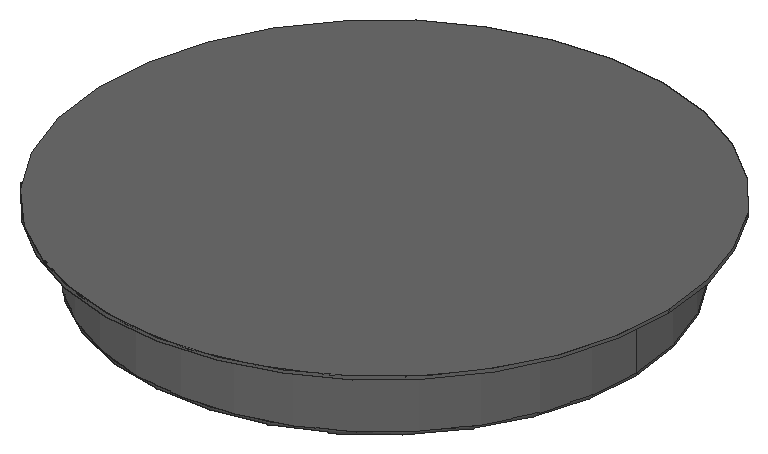
Revit family "ARKOSLIGHT_Fancy Shape Base 3", category Lighting Fixtures, host Face, Revit 2019
Family settings
  Host = Face
  Round Connector Dimension = Use Diameter
  Part Type = Normal
  Cut with Voids When Loaded = No
  Light Source = No
  Shared = No
  Room Calculation Point = No
Parameters (values of type "A4170221NT - FANCY SHAPE BASE 3 550mA NT")
  URL = "https://www.arkoslight.com/en/product/fsbase-es/"
  Model = ARKOSLIGHT_Model  # "FANCY SHAPE BASE"
  Manufacturer = "ARKOSLIGHT"  # constant formula
  ARKOSLIGHT_Wattage = 32.5 W
  ARKOSLIGHT_Series = "FANCY SHAPE BASE 3"  # constant formula
  ARKOSLIGHT_Reference = "A4170221NT"
  ARKOSLIGHT_Model = "FANCY SHAPE BASE"  # constant formula
  ARKOSLIGHT_IP = "20"
  ARKOSLIGHT_Fixture Type = "ACCESSORIES"  # constant formula
  ARKOSLIGHT_Dimming = "No Dim"
  ARKOSLIGHT_Color = "Textured black"
  Default Elevation = 0 mm
  Apparent Load = ARKOSLIGHT_Apparent Load  # 27.9 VA
  ARKOSLIGHT_Body_Secundary_Color = ARKOSLIGHT_Textured black
  ARKOSLIGHT_Body_Color = ARKOSLIGHT_Textured black
  ARKOSLIGHT_Apparent Load = 27.9 VA
Types (4, lengths in mm): name | ARKOSLIGHT_Wattage | ARKOSLIGHT_Reference | ARKOSLIGHT_Dimming | ARKOSLIGHT_Color | ARKOSLIGHT_Body_Color
  A4170221NT - FANCY SHAPE BASE 3 550mA NT | 32.5 W | "A4170221NT" | "No Dim" | "Textured black" | ARKOSLIGHT_Textured black
  A4170221WT - FANCY SHAPE BASE 3 550mA WT | 32.5 W | "A4170221WT" | "No Dim" | "Textured white" | ARKOSLIGHT_Textured white
  A4170222NT - FANCY SHAPE BASE 3 550mA DIM DALI NT | 31.7 W | "A4170222NT" | "DALI" | "Textured black" | ARKOSLIGHT_Textured black
  A4170222WT - FANCY SHAPE BASE 3 550mA DIM DALI WT | 31.7 W | "A4170222WT" | "DALI" | "Textured white" | ARKOSLIGHT_Textured white
Reference planes
  plane 1 "Center (Front/Back)": y = 0
  plane 2: z = 0
  plane 3 "Center (Left/Right)": x = 0
  plane 4: z = 34
Forms (mm)
  Extrusion 1, solid, material "ARKOSLIGHT_Textured black" <- "ARKOSLIGHT_Body_Color"
    sketch origin (-186.022, -4572, 34) x (-1, 0, 0) y (0, -1, 0)
      loop
        circle (-186.022, -4572) r 135
    from 0 to -1.425
  Revolve 2, solid, material "ARKOSLIGHT_Textured black" <- "ARKOSLIGHT_Body_Secundary_Color"
    sketch origin (0, 0, 0) x (1, 0, 0) y (0, 0, 1)
      loop
        line (0, 17.461) -> (0, 4.264) -> (98.95, 4.264) -> (101.704, 0) -> (117.949, 0)
        arc (117.949, 0) -> (119.364, 0.586) -> (119.949, 2) r 2
        line (119.949, 2) -> (119.949, 28.7) -> (117.376, 28.7) -> (117.25, 17.461) -> (0, 17.461)
      axis (0, 28.7) -> (0, 0)
    angle from 0 to 360
  Extrusion 3, solid, material "ARKOSLIGHT_Textured black" <- "ARKOSLIGHT_Body_Secundary_Color"
    sketch origin (-55.279, -44.39, 17.461) x (1, 0, 0) y (0, 1, 0)
      loop
        circle (0, -51.297) r 4.5
    from 5.109 to 0
  Extrusion 4, solid, material "ARKOSLIGHT_Textured black" <- "ARKOSLIGHT_Body_Secundary_Color"
    sketch origin (-55.279, -44.39, 22.57) x (1, 0, 0) y (0, 1, 0)
      loop
        circle (0, -51.297) r 5
    from 0 to 10.005
  Extrusion 5, solid, material "ARKOSLIGHT_Textured black" <- "ARKOSLIGHT_Body_Secundary_Color"
    sketch origin (110.516, -51.219, 17.461) x (1, 0, 0) y (0, 1, 0)
      loop
        circle (0, 51.219) r 4.5
    from 5.109 to 0
  Extrusion 6, solid, material "ARKOSLIGHT_Textured black" <- "ARKOSLIGHT_Body_Secundary_Color"
    sketch origin (110.516, -51.219, 22.57) x (1, 0, 0) y (0, 1, 0)
      loop
        circle (0, 51.219) r 5
    from 0 to 10.005
  Extrusion 7, solid, material "ARKOSLIGHT_Textured black" <- "ARKOSLIGHT_Body_Secundary_Color"
    sketch origin (-55.279, 44.39, 17.461) x (1, 0, 0) y (0, 1, 0)
      loop
        circle (0, 51.297) r 4.5
    from 5.109 to 0
  Extrusion 8, solid, material "ARKOSLIGHT_Textured black" <- "ARKOSLIGHT_Body_Secundary_Color"
    sketch origin (-55.279, 44.39, 22.57) x (1, 0, 0) y (0, 1, 0)
      loop
        circle (0, 51.297) r 5
    from 0 to 10.005
Cuts and joins
  joined: Revolve 2, Extrusion 3, Extrusion 4, Extrusion 5, Extrusion 6
Dimensions and locks
  locked: plane 4 to plane 2 at 34
  plane 4 to Revolve 2 sketch curve = 5.3 mm
  aligned and locked: plane 2 to host face
  aligned and locked: level to host face
  aligned and locked: plane 3 "Center (Left/Right)" to Extrusion 1 sketch curve
  aligned and locked: plane 1 "Center (Front/Back)" to Extrusion 1 sketch curve
  aligned and locked: Revolve 2 sketch curve to plane 3 "Center (Left/Right)"  (x2)
  aligned and locked: Revolve 2 sketch curve to plane 2
Connectors
  electrical at (0, 0, 0), driven by "Apparent Load"
    settings: on host face, index 1, voltage 230 V, apparent load 0 VA, apparent load phase1 27.9 VA, apparent load phase2 0 VA, apparent load phase3 0 VA, power factor 1, load classification "Lighting", number of poles 1, system type 31, power factor state 1, is connector primary yes, connector utility no, sub classification motor no, connector description ""
